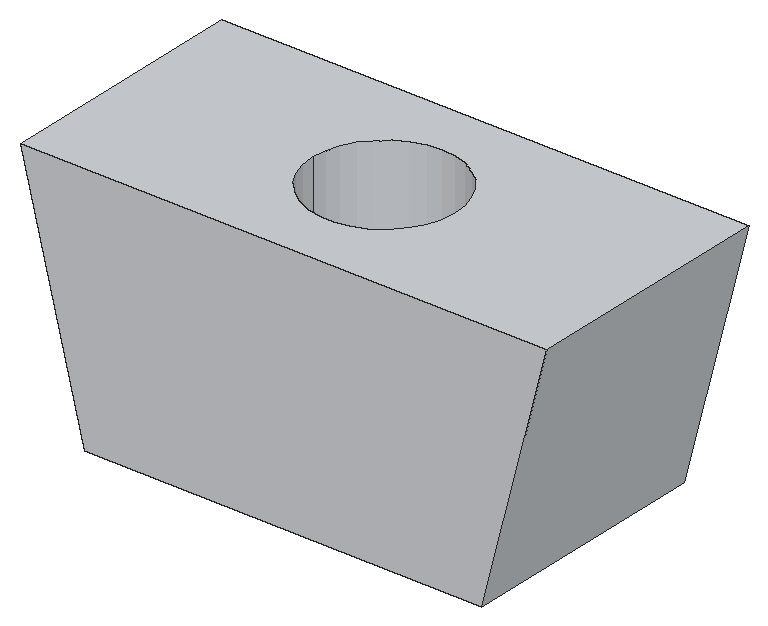
Revit family "Keilmutter für Verbunddecken", category HLS-Bauteile, Revit 2017
Family settings
  Bemaßung runder Anschluss = Durchmesser verwenden
  Teiletyp = Normal
  Arbeitsebenenbasiert = Ja
  Immer vertikal = Nein
  Beim Laden mit Abzugskörper schneiden = Nein
  Gemeinsam genutzt = Ja
  Raumberechnungspunkt = Nein
Parameters (values of type "Keilmutter mit IG M 8")
  vpe = "100 St"
  Default Elevation = 1219.2 mm
  Regelhalter [instance] = ""
  Mengeneinheit = "St"
  Material = "Stahl"
  Kurztext2 = "M8 25 x 12,5 mm gvz"
  Kurztext1 = "Keilmutter Verbunddecke"
  Gewicht pro Bauteil = Gewicht  # 0.0213 kg
  Gewicht = 0.0213 kg
  Firma = "MEFA Befestigungs- und Montagesysteme GmbH"
  Fabrikat = "MEFA"
  EAN = "4250928420695"
  D = 6.8 mm
  Artikelnummer = "0819715"
Types (3, lengths in mm): name | Kurztext2 | Gewicht pro Bauteil | Gewicht | EAN | D | Artikelnummer
  (no name) | "M8 25 x 12,5 mm gvz" | 0.0213 kg | 0.0213 kg | "4250928420695" | 6.8 | "0819715"
  Keilmutter mit IG M 8 | "M8 25 x 12,5 mm gvz" | 0.0213 kg | 0.0213 kg | "4250928420695" | 6.8 | "0819715"
  Keilmutter mit IG M10 | "M10 25 x 12,5 mm gvz" | 0.0194 kg | 0.0194 kg | "4250928420701" | 8.5 | "0819722"
Reference planes
  plane 1 "Mitte (Vorne/hinten)": y = 0
  plane 2: z = 0
  plane 3 "Mitte (Links/rechts)": x = 0
  plane 4: x = 12.5
  plane 5: x = -12.5
  plane 6: z = 12
  plane 7: x = 9.451
  plane 8: x = -9.451
Forms (mm)
  Extrusion 1, solid
    sketch origin (0, 0, 0) x (1, 0, 0) y (0, 0, 1)
      loop
        line (12.5, 12) -> (-12.5, 12) -> (-9.451, 0) -> (9.451, 0) -> (12.5, 12)
    from -6 to 6
  Extrusion 2, void
    sketch origin (0, 0, 0) x (1, 0, 0) y (0, 1, 0)
      loop
        circle (0, 0) r 3.4
    from 0 to 12
Cuts and joins
  Extrusion 2 cuts Extrusion 1
Lines and regions (mm)
  model lines, not visible
    curve 1: line (0, 0, 25.559) -> (0, 0, -12.756)
Dimensions and locks
  "D": diameter of Extrusion 2 sketch curve
  aligned and locked: level to plane 2
  aligned and locked: plane 3 "Mitte (Links/rechts)" to curve 1
  aligned and locked: curve 1 to plane 1 "Mitte (Vorne/hinten)"
Automatic sketch dimensions
  Extrusion 1 sketch curve to plane 5 = 0 mm
  Extrusion 1 sketch curve to level = 0 mm
  Extrusion 1 sketch curve to plane 8 = 0 mm
  plane 7 to Extrusion 1 sketch curve = 0 mm
  plane 4 to Extrusion 1 sketch curve = 0 mm
  Extrusion 1 sketch curve to plane 6 = 0 mm
  curve 1 to level = 12.756 mm
  plane 6 to curve 1 = 13.559 mm
  plane 1 "Mitte (Vorne/hinten)" to Extrusion 2 sketch curve = 0 mm
  Extrusion 2 sketch curve to plane 3 "Mitte (Links/rechts)" = 0 mm
